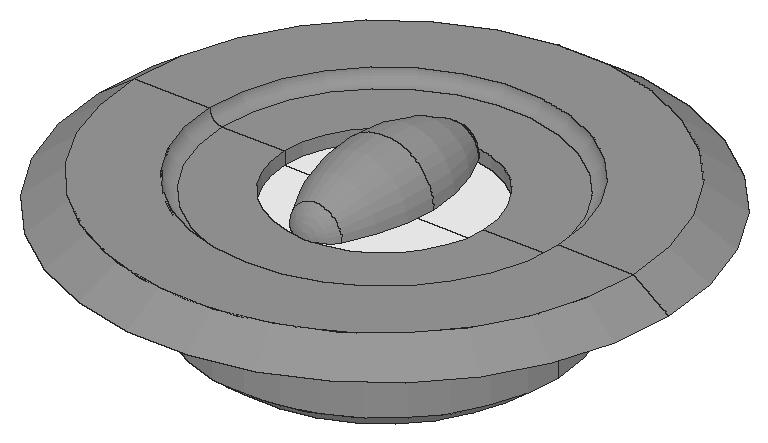
Revit family "2059460", category Lighting Fixtures, host Face, Revit 2016
Family settings
  Host = Face
  Part Type = Normal
  Round Connector Dimension = Use Diameter
  OmniClass Number = 23.80.70.00
  OmniClass Title = Lighting
  Cut with Voids When Loaded = No
  Light Source = Yes
  Shared = No
  Room Calculation Point = No
Parameters (values of type "2059460 ROUTELED II CORRIDOR")
  Weight = "0.948 kg"
  Wattage Comments = ""
  Wattage = 2 W
  WarrantyStartDate [instance] = "n/a"
  WarrantyGuarantorParts = "n/a"
  WarrantyDurationUnit = "n/a"
  WarrantyDurationParts = "n/a"
  WarrantyDescription = "n/a"
  built-in parameter 1150110 = 1 (stored number, unit not read)
  Voltage = 0 V
  URL = "http://www.sylvania-lighting.com"
  TypeName = "ROUTELED II CORRIDOR"
  Type Image = <None>
  Type Comments = "n/a"
  built-in parameter 1114217 = 1 (stored number, unit not read)
  Tilt Angle = -90.00°
  built-in parameter 1150109 = 1 (stored number, unit not read)
  built-in parameter 1150134 = 2
  built-in parameter 1150113 = 1 (stored number, unit not read)
  SerialNumber [instance] = "n/a"
  Photometric Web File = "2059460.ies"
  OpenArea_SYL = no
  Material_3_SYL = LED-Sylvania
  PowerFactor = 0
  PowerConsumption = "2 W"
  NominalLength = 416 mm
  NominalHeight = 27 mm
  NominalDepth = 27 mm
  Name = "ROUTELED II CORRIDOR"
  ModelReference = Name  # "ROUTELED II CORRIDOR"
  ModelNumber = "2059460"
  Model = Name  # "ROUTELED II CORRIDOR"
  Material = "aluminium housing"
  ManufacturerName = "Feilo Sylvania"
  Manufacturer = "Feilo Sylvania"
  LuminousEfficacy = "106 lm/W"
  built-in parameter 1150105 = 204.09 (stored number, unit not read)
  Lumens = 212 lm
  LuminaireType = ""
  built-in parameter 1150115 = 1 (stored number, unit not read)
  LightOutputRatio = "100"
  built-in parameter 1150137 = (empty or 0)
  built-in parameter 1150139 = (empty or 0)
  LampsType = Lamp  # "LED"
  LampNominalLuminous = "212 lm"
  LampMacAdamStep = "5"
  LampColourTemperature = "5000 K"
  LampColourRenderingIndex = "70"
  built-in parameter 1150112 = 1 (stored number, unit not read)
  built-in parameter 1150114 = 1 (stored number, unit not read)
  Lamp = "LED"
  Keynote = "16500"
  InstallationDate [instance] = "n/a"
  InputVoltage = "n/a"
  InputNominalFrequency = "n/a"
  built-in parameter 1150132 = (empty or 0)
  built-in parameter 1150102 = (empty or 0)
  built-in parameter 1150107 = 5000 (stored number, unit not read)
  built-in parameter 1150138 = (empty or 0)
  IngressProtection = "IP20"
  ImpactProtectionIndex = "IK07"
  built-in parameter 1150106 = 2.0409 (stored number, unit not read)
  IfcExportType = "IfcLightFixtureType"
  IfcExportAs = "IfcLightFixtureType"
  Emit from Circle Diameter = 16 mm
  Emit Shape Visible in Rendering = no
  ElectricShockClassification = "Class II"
  built-in parameter 1150104 = 9.8477 (stored number, unit not read)
  DocumentationLiterature = "http://www.sylvania-lighting.com/product/en-int/products/2059460"
  DimmingControlOptions = "n/a"
  Material_2_SYL = Polycarbonate, Clear
  Dimming Lamp Color Temperature Shift = <None>
  Description = "Miniature emergency recessed luminaire downlight with corridor optic, non-maintained 3 hr emergency, standalone unit with inverter module and rechargeable battery (NiMH), quick and easy installation with inverter module and battery pack contained in articulated case that can pass through 40mm cutout, 219lm, 3W, IK07, beam angle 148 degrees, 230V, 50-60Hz, recharge period 24 hours, Power Factor 0.45, charge current 300mA, LxWxD (mm) 416x29x26."
  Default Elevation = 1219.2 mm
  CreatedOn = "5/27/2019"
  CreatedBy = "@sylvania-lighting.com"
  Cost = 0
  Corridor_SYL = yes
  Color Filter = 16777215
  built-in parameter 1114216 [instance] = (empty or 0)
  ClassificationValue = "EF_70_80"
  ClassificationName = "Uniclass2015"
  Material_1_SYL = Aluminum
  BarCode [instance] = "n/a"
  built-in parameter 1114218 = 1 (stored number, unit not read)
  built-in parameter 1150133 = 10 (stored number, unit not read)
  AssetType = "Fixed"
  AssetIdentifier [instance] = "n/a"
  Assembly Code = "D5020200"
  Apparent Load = 2 VA
  Material_4_SYL = none
Reference planes
  plane 1 "Center (Front/Back)": y = 0
  plane 2: z = 0
  plane 3 "Center (Left/Right)": x = 0
  plane 4: x = -20
  plane 5: x = -22.8
  plane 6: x = -8
  plane 7: z = 2
  plane 8: z = 1
  plane 9: x = -12
  plane 10: z = 5
  plane 11: z = -9
  plane 12: z = -7.5
  plane 13: x = -14
Forms (mm)
  Revolve 1, solid, material "Aluminum" <- "Material_1_SYL"
    sketch origin (0, 0, 0) x (1, 0, 0) y (0, 0, 1)
      loop
        line (-14, 2) -> (-20, 2) -> (-22.8, 0) -> (-14, 0) -> (-14, -7.5) -> (-12, -9) -> (0, -9) -> (0, 0) -> (-8, 0) -> (-8, 1) -> (-13, 1)
        arc (-13, 1) -> (-13.707, 1.293) -> (-14, 2) r 1
      axis (0, 2) -> (0, -9)
    angle from 360 to 0
  Revolve 2, solid, material "Polycarbonate, Clear" <- "Material_2_SYL", visible <- "OpenArea_SYL"
    sketch origin (0, 0, 0) x (1, 0, 0) y (0, 0, 1)
      loop
        arc (0, 5) -> (-4.472, 3.944) -> (-8, 1) r 10
        line (-8, 1) -> (-8, 0) -> (0, 0) -> (0, 5)
      axis (0, 5) -> (0, 0)
    angle from 360 to 0
  Revolve 3, solid, material "Polycarbonate, Clear" <- "Material_2_SYL", visible <- "Corridor_SYL"
    sketch origin (100, -4572, 1) x (0, -1, 0) y (1, 0, 0)
      loop
        arc (-4580, -100) -> (-4579.691, -101.2) -> (-4578.825, -102.087) r 2.403
        arc (-4578.825, -102.087) -> (-4575.539, -103.484) -> (-4572, -103.962) r 13.359
        arc (-4572, -103.962) -> (-4568.461, -103.484) -> (-4565.175, -102.087) r 13.359
        arc (-4565.175, -102.087) -> (-4564.309, -101.2) -> (-4564, -100) r 2.403
        line (-4564, -100) -> (-4580, -100)
      axis (-4580, -100) -> (-4564, -100)
    angle from -180 to 0
  Revolve 4, void
    sketch origin (0, 0, 0) x (1, 0, 0) y (0, 0, 1)
      loop
        line (0, -9) -> (0, 0) -> (-20, 0) -> (-20, -9) -> (0, -9)
      axis (0, 0) -> (0, -9)
    angle from 360 to 0
Cuts and joins
  Revolve 4 cuts Revolve 2
Lines and regions (mm)
  reference lines
    curve 1: arc (-2.087, 6.825, 0) -> (-3.484, 3.539, 0) -> (-3.962, 0, 0) r 13.359
    curve 2: arc (-2.087, 6.825, 0) -> (-1.2, 7.691, 0) -> (0, 8, 0) r 2.403
    curve 3: arc (-2.087, -6.825, 0) -> (-3.484, -3.539, 0) -> (-3.962, 0, 0) r 13.359
    curve 4: arc (-2.087, -6.825, 0) -> (-1.2, -7.691, 0) -> (0, -8, 0) r 2.403
Dimensions and locks
  plane 3 "Center (Left/Right)" to plane 6 to plane 4 to plane 5 = 8 mm locked, 12 mm locked, 2.8 mm locked
  locked: plane 7 to plane 2 at 2
  locked: plane 7 to plane 8 at 1
  aligned and locked: plane 2 to host face
  aligned and locked: level to host face
  aligned and locked: Revolve 1 sketch curve to plane 3 "Center (Left/Right)"
  aligned and locked: Revolve 1 sketch curve to plane 7
  aligned and locked: plane 5 to Revolve 1 sketch curve
  aligned and locked: Revolve 1 sketch curve to level  (x2)
  aligned and locked: Revolve 1 sketch curve to plane 13
  aligned and locked: plane 9 to Revolve 1 sketch curve
  aligned and locked: plane 3 "Center (Left/Right)" to Revolve 1 sketch curve  (x2)
  aligned and locked: plane 11 to Revolve 1 sketch curve
  aligned and locked: plane 8 to Revolve 1 sketch curve
  aligned and locked: Revolve 1 sketch curve to plane 6
  aligned and locked: plane 7 to Revolve 1 sketch curve
  aligned and locked: plane 13 to Revolve 1 sketch curve
  aligned and locked: Revolve 2 sketch curve to Revolve 1  (x2)
  aligned and locked: host face to Revolve 2 sketch curve  (x2)
  aligned and locked: Revolve 2 sketch curve to plane 3 "Center (Left/Right)"  (x2)
  aligned and locked: plane 3 "Center (Left/Right)" to curve 2
  aligned and locked: Revolve 3 sketch curve to plane 3 "Center (Left/Right)"  (x2)
  aligned and locked: Revolve 3 sketch curve to curve 2
  aligned and locked: Revolve 3 sketch curve to curve 1
  aligned and locked: Revolve 3 sketch curve to curve 3
  aligned and locked: Revolve 3 sketch curve to curve 4
  aligned and locked: Revolve 4 sketch curve to Revolve 1
  aligned and locked: Revolve 4 sketch curve to plane 3 "Center (Left/Right)"  (x2)
  aligned and locked: Revolve 4 sketch curve to level
  aligned and locked: plane 4 to Revolve 4 sketch curve
  aligned and locked: imposter light to plane 10
  aligned and locked: plane 3 "Center (Left/Right)" to imposter light
  aligned and locked: imposter light to plane 1 "Center (Front/Back)"
